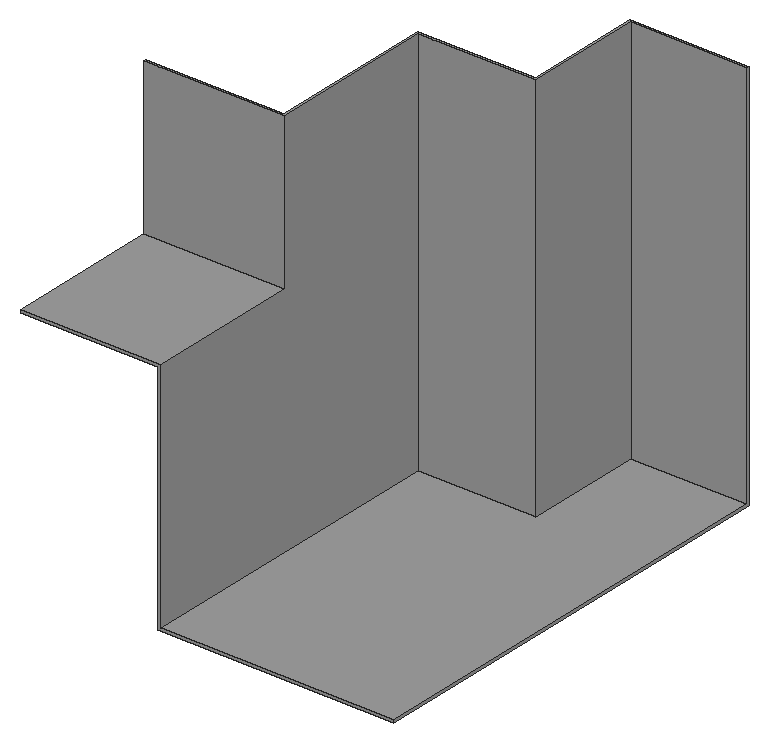
Revit family "Flashing_Preformed_Hyload_WindowSeal", category Generic Models, Revit 2016
Family settings
  Part Type = Normal
  Can host rebar = No
  Round Connector Dimension = Use Diameter
  OmniClass Number = 23.20.30.24.11
  OmniClass Title = Embedded Flashing
  Work Plane-Based = No
  Always vertical = Yes
  Cut with Voids When Loaded = No
  Shared = No
  Room Calculation Point = No
Parameters (values of type "As Specified")
  Upper Height = 0' - 4"
  Unit Width = 1' - 0"
  Unit Height = 0' - 4"
  Unit Depth = 0' - 6"
  URL = "http://www.hyload.com/"
  Thickness = 0' - 0 1/16"
  Specification = "http://www.arcat.com/sdspecs/htm04/07_65_00hyl.htm"
  Sales Information = "http://www.hyload.com/contact-us"
  Revision = "R1_12-2015"
  Product Properties = "http://www.hyload.com/masonry-flashing/preformed-shapes/"
  Product Data = "http://www.arcat.com/arcatcos/cos33/arc33176.html"
  Model = "Window Seal"
  Manufacturer Website = "http://www.hyload.com/"
  Manufacturer Phone - Toll Free = "800-457-4056"
  Manufacturer Phone = "330-769-3546"
  Manufacturer Fax = "330-769-4153"
  Manufacturer Address = "5020 Panther Pkwy., Seville, OH 44273"
  Manufacturer = "Hyload"
  Lower Height = 0' - 6"
  Keynote = "07 65 00"
  Flashing Material = Hyload Flashing Membrane - Grey
  Drawn By = "Robert S. Weygant / Sumex Design"
  Description = "Preformed Hyload Masonry Flashing - Window Seal"
  Copyright = "(c) ARCAT, Inc, 2015"
  Construction Details = "http://www.arcat.com/details/hyload/hyload.html?coid=33176"
  Assembly Code = "B3010400"
Reference planes (in)
  plane 1 "Center (Front/Back)": y = 0
  plane 2: z = 0
  plane 3 "Center (Left/Right)": x = 0
  plane 4: y = 7.25
  plane 5: x = 6
  plane 6 "WinPlane": z = 6
  plane 7: x = 22
  plane 8: y = -4
  plane 9: x = 3
  plane 10: y = 4.25
  plane 11: z = 10
  plane 12: x = -3.5
Forms (in)
  Extrusion 1, solid, material "Hyload Flashing Membrane - Grey" <- "Flashing Material"
    sketch origin (0, 0, 0) x (1, 0, 0) y (0, 1, 0)
      loop
        line (6, 7.25) -> (3, 7.25) -> (3, 4.25) -> (0, 4.25) -> (0, -4) -> (6, -4) -> (6, 7.25)
    from 0 to 0.0625 <- "Thickness"
  Extrusion 2, solid, material "Hyload Flashing Membrane - Grey" <- "Flashing Material"
    sketch origin (0, 0, 0) x (1, 0, 0) y (0, 1, 0)
      loop
        line (6, 7.25) -> (3, 7.25) -> (3, 4.25) -> (0, 4.25) -> (0, -4) -> (0.0625, -4) -> (0.0625, 4.1875) -> (3.0625, 4.1875) -> (3.0625, 7.1875) -> (6, 7.1875) -> (6, 7.25)
    from 0 to 6
  Extrusion 3, solid, material "Hyload Flashing Membrane - Grey" <- "Flashing Material"
    sketch origin (0, 0, 6) x (-1, 0, 0) y (0, -1, 0)
      loop
        line (3.5, 0) -> (3.5, 4) -> (-0.0625, 4) -> (-0.0625, 0) -> (3.5, 0)
    from 0 to 0.0625 <- "Thickness"
  Extrusion 4, solid, material "Hyload Flashing Membrane - Grey" <- "Flashing Material"
    sketch origin (0, 0, 6) x (-1, 0, 0) y (0, -1, 0)
      loop
        line (-6, -7.25) -> (-3, -7.25) -> (-3, -4.25) -> (0, -4.25) -> (0, 0) -> (3.5, 0) -> (3.5, 0.0625) -> (-0.0625, 0.0625) -> (-0.0625, -4.1875) -> (-3.0625, -4.1875) -> (-3.0625, -7.1875) -> (-6, -7.1875) -> (-6, -7.25)
    from 0 to 4 <- "Upper Height"
Cuts and joins
  joined: Extrusion 1, Extrusion 2, Extrusion 3, Extrusion 4
Dimensions and locks (in)
  "Lower Height": plane 6 "WinPlane" to level
  locked: plane 4 to plane 8 at 11.25
  plane 8 to plane 1 "Center (Front/Back)" = 0' - 4"
  plane 1 "Center (Front/Back)" to plane 10 = 0' - 4 1/4"
  locked: plane 3 "Center (Left/Right)" to plane 9 at 3
  "Thickness": plane 3 "Center (Left/Right)" to Extrusion 2 sketch curve
  "Thickness": plane 10 to Extrusion 2 sketch curve
  "Thickness": plane 9 to Extrusion 2 sketch curve
  "Thickness": plane 4 to Extrusion 2 sketch curve
  "Upper Height": plane 11 to plane 6 "WinPlane"
  plane 12 to plane 3 "Center (Left/Right)" = 0' - 3 1/2"
  "Thickness": Extrusion 4 sketch curve to plane 1 "Center (Front/Back)"
  "Thickness": plane 3 "Center (Left/Right)" to Extrusion 4 sketch curve
  "Thickness": plane 10 to Extrusion 4 sketch curve
  "Thickness": plane 9 to Extrusion 4 sketch curve
  "Thickness": plane 4 to Extrusion 4 sketch curve
  aligned and locked: plane 2 to level
  aligned and locked: plane 4 to Extrusion 1 sketch curve
  aligned and locked: plane 9 to Extrusion 1 sketch curve
  aligned and locked: Extrusion 1 sketch curve to plane 8
  aligned and locked: Extrusion 1 sketch curve to plane 3 "Center (Left/Right)"
  aligned and locked: plane 10 to Extrusion 1 sketch curve
  aligned and locked: Extrusion 2 sketch curve to plane 3 "Center (Left/Right)"
  aligned and locked: plane 10 to Extrusion 2 sketch curve
  aligned and locked: plane 9 to Extrusion 2 sketch curve
  aligned and locked: plane 4 to Extrusion 2 sketch curve
  aligned and locked: plane 5 to Extrusion 2 sketch curve
  aligned and locked: Extrusion 2 sketch curve to plane 8
  aligned and locked: plane 6 "WinPlane" to Extrusion 2
  aligned and locked: plane 1 "Center (Front/Back)" to Extrusion 3 sketch curve
  aligned and locked: plane 12 to Extrusion 3 sketch curve
  aligned and locked: Extrusion 3 sketch curve to Extrusion 1
  aligned and locked: plane 5 to Extrusion 4 sketch curve
  aligned and locked: plane 4 to Extrusion 4 sketch curve
  aligned and locked: plane 9 to Extrusion 4 sketch curve
  aligned and locked: plane 10 to Extrusion 4 sketch curve
  aligned and locked: Extrusion 4 sketch curve to plane 3 "Center (Left/Right)"
  aligned and locked: Extrusion 4 sketch curve to plane 1 "Center (Front/Back)"
  aligned and locked: Extrusion 4 sketch curve to plane 12
  aligned and locked: Extrusion 3 sketch curve to Extrusion 2
Automatic sketch dimensions
  Extrusion 1 sketch curve to plane 5 = 0' - 0"
